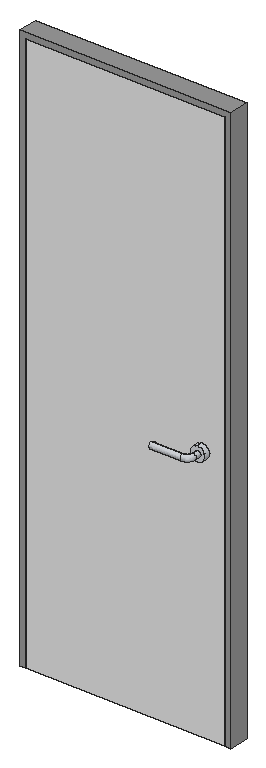
Revit family "- Trinidad", category Doors, host Wall, Revit 2018
Family settings
  Host = Wall
  OmniClass Number = 23.30.10.00
  OmniClass Title = Doors
  Always vertical = Yes
  Cut with Voids When Loaded = No
  Shared = No
  Room Calculation Point = No
Parameters (values of type "- 70 x 200 cm")
  Set de Marcos = ""
  Relleno = ""
  Material Marco = - Perfil Aluminio
  Material Hoja = - HDF Prefinish
  Manilla = - Manilla
  Hojas = "Simple de Abatir"
  Function = Interior
  Frame Projection Ext. = 2.50 cm
  Frame Projection Int. = 2.50 cm
  Frame Width = 7.50 cm
  Height = 200.00 cm
  Wall Closure = By host
  Width = 74.00 cm
  Distancia a Cara Interior = 6.00 cm
  Bisagras = ""
  Ancho Hoja = Width - 4.00 cm  # 70.00 cm
  Ancho = Width  # 74.00 cm
  Analytic Construction = "<None>"
  Alto = Height  # 200.00 cm
Types (12, lengths in cm): name | Material Hoja | Height | Width | Ancho Hoja | Ancho | Alto
  - 70 x 200 cm | - HDF Prefinish | 200.00 | 74.00 | 70.00 | 74.00 | 200.00
  - 75 x 200 cm | none | 200.00 | 79.00 | 75.00 | 79.00 | 200.00
  - 80 x 200 cm | none | 200.00 | 84.00 | 80.00 | 84.00 | 200.00
  - 85 x 200 cm | none | 200.00 | 89.00 | 85.00 | 89.00 | 200.00
  - 90 x 200 cm | none | 200.00 | 94.00 | 90.00 | 94.00 | 200.00
  -100 x 200 cm | none | 200.00 | 104.00 | 100.00 | 104.00 | 200.00
  - 70 x 210 cm | none | 210.00 | 74.00 | 70.00 | 74.00 | 210.00
  - 75 x 210 cm | none | 210.00 | 79.00 | 75.00 | 79.00 | 210.00
  - 80 x 210 cm | none | 210.00 | 84.00 | 80.00 | 84.00 | 210.00
  - 85 x 210 cm | none | 210.00 | 89.00 | 85.00 | 89.00 | 210.00
  - 90 x 210 cm | - HDF Prefinish | 210.00 | 94.00 | 90.00 | 94.00 | 210.00
  - 100 x 210 cm | - HDF Siena | 210.00 | 104.00 | 100.00 | 104.00 | 210.00
Reference planes (cm)
  plane 1: y = 0
  plane 2 "Center (Left/Right)": x = 0
  plane 3 "Left": x = -37
  plane 4 "Right": x = 37
  plane 5: z = 200
  plane 6 "Exterior": y = 7.5
  plane 7 "Interior": y = -7.5
  plane 8: y = -1.5
  plane 9: z = 198
  plane 10: x = -35
  plane 11: x = 35
Forms (cm)
  Sweep 1, solid, material "- Perfil Aluminio" <- "Material Marco"
    path origin (0, 7.5, 0) x (1, 0, 0) y (0, 0, 1)
      loop
        line (37, 0) -> (37, 200) -> (-37, 200) -> (-37, 0)
    profile origin (37, 7.5, 100) x (-1, 0, 0) y (0, -1, 0)
      loop
        line (0, 2) -> (3, 2) -> (3, 4.3) -> (2, 4.3) -> (2, 9) -> (0, 9) -> (0, 2)
  Extrusion 2, solid, material "- HDF Prefinish" <- "Material Hoja"
    sketch origin (0, 0, 0) x (1, 0, 0) y (0, 1, 0)
      loop
        line (-35, -1.5) -> (35, -1.5) -> (35, 3) -> (-35, 3) -> (-35, -1.5)
    from 0 to 198
  Sweep 3, solid, material "- Manilla" <- "Manilla", not visible
    path origin (5.8483, -7.5601, 0) x (1, 0, 0) y (0, 1, 0)
      loop
        line (22.1517, 15.0613) -> (32.1517, 15.0613)
        arc (32.1517, 15.0613) -> (33.5659, 14.4756) -> (34.1517, 13.0613) r 2
        line (34.1517, 13.0613) -> (34.1517, 11.0613)
    profile origin (33, 7.5012, 0) x (0, 1, 0) y (0, 0, 1)
      loop
        circle (0, 90) r 1
  Extrusion 4, solid, material "- Manilla" <- "Manilla", not visible
    sketch origin (0, 7.5, 0) x (1, 0, 0) y (0, 0, 1)
      loop
        circle (40, 90) r 2.5
    from 3.9988 to 5
Lines and regions (cm)
  Opening 1
    outline origin (-305, -7.5, 0) x (1, 0, 0) y (0, 0, 1)
      loop
        line (268, 0) -> (342, 0) -> (342, 200) -> (268, 200) -> (268, 0)
  symbolic lines, style "Elevation Swing"
    curve 1: line (37, -7.5, 100) -> (-37, -7.5, 200)
    curve 2: line (37, -7.5, 100) -> (-37, -7.5, 0)
    curve 7: arc (-30.5, -71.5, 0) -> (16.4246, -49.6941, 0) -> (35.2596, -1.5001, 0) r 69.4706
  symbolic lines
    curve 3: line (-35, -1.5, 0) -> (-35, -71.5, 0)
    curve 4: line (-30.5, -1.5, 0) -> (-35, -1.5, 0)
    curve 5: line (-30.5, -71.5, 0) -> (-30.5, -1.5, 0)
    curve 6: line (-35, -71.5, 0) -> (-30.5, -71.5, 0)
  model lines, not visible
    curve 8: line (-20, 3, 25) -> (20, 3, 25)
    curve 9: line (-20, 3, 65) -> (-20, 3, 25)
    curve 10: line (20, 3, 65) -> (8.6603, 3, 65)
    curve 11: line (20, 3, 25) -> (20, 3, 65)
    curve 12: line (-20, 3, 75) -> (-8.6603, 3, 75)
    curve 13: line (-20, 3, 75) -> (-20, 3, 169.9666)
    curve 14: line (20, 3, 75) -> (20, 3, 169.9666)
    curve 15: arc (-8.6603, 3, 65) -> (0, 3, 60) -> (8.6603, 3, 65) r 10
    curve 16: line (8.6603, 3, 75) -> (20, 3, 75)
    curve 17: line (-8.6603, 3, 65) -> (-20, 3, 65)
    curve 18: arc (8.6603, 3, 75) -> (0, 3, 80) -> (-8.6603, 3, 75) r 10
    curve 19: arc (14.9666, 3, 175) -> (0, 3, 183) -> (-14.9666, 3, 175) r 18
    curve 20: arc (-20, 3, 169.9666) -> (-16.4409, 3, 171.4409) -> (-14.9666, 3, 175) r 5.0334
    curve 21: arc (14.9666, 3, 175) -> (16.4409, 3, 171.4409) -> (20, 3, 169.9666) r 5.0334
    curve 22: line (-9.2195, 3, 64) -> (-19, 3, 64)
    curve 23: line (-19, 3, 64) -> (-19, 3, 26)
    curve 24: arc (9.2195, 3, 64) -> (0, 3, 59) -> (-9.2195, 3, 64) r 11
    curve 25: line (19, 3, 64) -> (9.2195, 3, 64)
    curve 26: line (19, 3, 26) -> (19, 3, 64)
    curve 27: line (-19, 3, 26) -> (19, 3, 26)
    curve 28: line (-18.9928, 3, 168.9932) -> (-18.9928, 3, 76)
    curve 29: arc (-13.9941, 3, 174.9045) -> (-15.4113, 3, 171.0338) -> (-18.9928, 3, 168.9932) r 5.9946
    curve 30: arc (13.9971, 3, 174.7848) -> (0.0327, 3, 182.1538) -> (-13.9941, 3, 174.9045) r 17.0542
    curve 31: arc (19, 3, 169.1276) -> (15.4988, 3, 171.072) -> (13.9971, 3, 174.7848) r 6.0089
    curve 32: line (19, 3, 76) -> (19, 3, 169.1276)
    curve 33: line (9.2195, 3, 76) -> (19, 3, 76)
    curve 34: arc (-9.2195, 3, 76) -> (0, 3, 81) -> (9.2195, 3, 76) r 11
    curve 35: line (-18.9928, 3, 76) -> (-9.2195, 3, 76)
    curve 36: arc (12.052, 3, 174.0667) -> (0.0498, 3, 180.1537) -> (-12.0243, 3, 174.2107) r 15.0542
    curve 37: arc (-12.0243, 3, 174.2107) -> (-13.561, 3, 170.1508) -> (-16.9928, 3, 167.4925) r 7.9946
    curve 38: line (-16.9928, 3, 167.4925) -> (-16.9928, 3, 78)
    curve 39: line (17, 3, 78) -> (17, 3, 167.6269)
    curve 40: arc (17, 3, 167.6269) -> (13.6492, 3, 170.1731) -> (12.052, 3, 174.0667) r 8.0089
    curve 41: line (-16.9928, 3, 78) -> (-10.247, 3, 78)
    curve 42: arc (-10.247, 3, 78) -> (0, 3, 83) -> (10.247, 3, 78) r 13
    curve 43: line (10.247, 3, 78) -> (17, 3, 78)
    curve 44: line (-10.247, 3, 62) -> (-17, 3, 62)
    curve 45: arc (10.247, 3, 62) -> (0, 3, 57) -> (-10.247, 3, 62) r 13
    curve 46: line (17, 3, 62) -> (10.247, 3, 62)
    curve 47: line (17, 3, 28) -> (17, 3, 62)
    curve 48: line (-17, 3, 28) -> (17, 3, 28)
    curve 49: line (-17, 3, 62) -> (-17, 3, 28)
    curve 50: line (-314, -1.5, 25) -> (-274, -1.5, 25)
    curve 51: line (-314, -1.5, 65) -> (-314, -1.5, 25)
    curve 52: line (-274, -1.5, 25) -> (-274, -1.5, 65)
    curve 53: line (-314, -1.5, 70) -> (-274, -1.5, 70)
    curve 54: line (-314, -1.5, 70) -> (-314, -1.5, 87)
    curve 55: line (-274, -1.5, 70) -> (-274, -1.5, 87)
    curve 56: line (-274, -1.5, 65) -> (-314, -1.5, 65)
    curve 57: line (-275, -1.5, 64) -> (-313, -1.5, 64)
    curve 58: line (-313, -1.5, 64) -> (-313, -1.5, 26)
    curve 59: line (-275, -1.5, 26) -> (-275, -1.5, 64)
    curve 60: line (-313, -1.5, 26) -> (-275, -1.5, 26)
    curve 61: line (-312.9928, -1.5, 86) -> (-312.9928, -1.5, 71)
    curve 62: line (-275, -1.5, 71) -> (-275, -1.5, 86)
    curve 63: line (-312.9928, -1.5, 71) -> (-275, -1.5, 71)
    curve 64: line (-310.9928, -1.5, 84) -> (-310.9928, -1.5, 73)
    curve 65: line (-277, -1.5, 73) -> (-277, -1.5, 84)
    curve 66: line (-310.9928, -1.5, 73) -> (-277, -1.5, 73)
    curve 67: line (-277, -1.5, 62) -> (-311, -1.5, 62)
    curve 68: line (-277, -1.5, 28) -> (-277, -1.5, 62)
    curve 69: line (-311, -1.5, 28) -> (-277, -1.5, 28)
    curve 70: line (-311, -1.5, 62) -> (-311, -1.5, 28)
    curve 71: line (-310.9928, -1.5, 84) -> (-277, -1.5, 84)
    curve 72: line (-314, -1.5, 87) -> (-274, -1.5, 87)
    curve 73: line (-312.9928, -1.5, 86) -> (-275, -1.5, 86)
    curve 74: line (-310.9928, -1.5, 84) -> (-277, -1.5, 84)
    curve 75: line (-314, -1.5, 97) -> (-274, -1.5, 97)
    curve 76: line (-314, -1.5, 185) -> (-314, -1.5, 97)
    curve 77: line (-274, -1.5, 97) -> (-274, -1.5, 185)
    curve 78: line (-274, -1.5, 185) -> (-314, -1.5, 185)
    curve 79: line (-275, -1.5, 184) -> (-313, -1.5, 184)
    curve 80: line (-313, -1.5, 184) -> (-313, -1.5, 98)
    curve 81: line (-275, -1.5, 98) -> (-275, -1.5, 184)
    curve 82: line (-313, -1.5, 98) -> (-275, -1.5, 98)
    curve 83: line (-277, -1.5, 182) -> (-311, -1.5, 182)
    curve 84: line (-277, -1.5, 100) -> (-277, -1.5, 182)
    curve 85: line (-311, -1.5, 100) -> (-277, -1.5, 100)
    curve 86: line (-311, -1.5, 182) -> (-311, -1.5, 100)
    curve 87: line (-320, 3, 25) -> (-280, 3, 25)
    curve 88: line (-320, 3, 65) -> (-320, 3, 25)
    curve 89: line (-280, 3, 25) -> (-280, 3, 65)
    curve 90: line (-320, 3, 72.5) -> (-280, 3, 72.5)
    curve 91: line (-280, 3, 65) -> (-320, 3, 65)
    curve 92: line (-281, 3, 64) -> (-319, 3, 64)
    curve 93: line (-319, 3, 64) -> (-319, 3, 26)
    curve 94: line (-281, 3, 26) -> (-281, 3, 64)
    curve 95: line (-319, 3, 26) -> (-281, 3, 26)
    curve 96: line (-319, 3, 73.5) -> (-281, 3, 73.5)
    curve 97: line (-317, 3, 75.5) -> (-283, 3, 75.5)
    curve 98: line (-283, 3, 62) -> (-317, 3, 62)
    curve 99: line (-283, 3, 28) -> (-283, 3, 62)
    curve 100: line (-317, 3, 28) -> (-283, 3, 28)
    curve 101: line (-317, 3, 62) -> (-317, 3, 28)
    curve 102: line (-320, 3, 179.3431) -> (-320, 3, 72.5)
    curve 103: line (-280, 3, 72.5) -> (-280, 3, 179.3431)
    curve 104: line (-319, 3, 178.3431) -> (-319, 3, 73.5)
    curve 105: line (-281, 3, 73.5) -> (-281, 3, 178.3431)
    curve 106: line (-283, 3, 75.5) -> (-283, 3, 176.3431)
    curve 107: line (-317, 3, 176.3431) -> (-317, 3, 75.5)
    curve 108: arc (-292, 3, 181) -> (-300, 3, 185) -> (-308, 3, 181) r 10
    curve 109: arc (-292, 3, 181) -> (-290.1648, 3, 179.7737) -> (-288, 3, 179.3431) r 5.6569
    curve 110: arc (-308, 3, 181) -> (-309.8352, 3, 179.7737) -> (-312, 3, 179.3431) r 5.6569
    curve 111: line (-288, 3, 179.3431) -> (-280, 3, 179.3431)
    curve 112: line (-312, 3, 179.3431) -> (-320, 3, 179.3431)
    curve 113: line (-281, 3, 178.3431) -> (-288, 3, 178.3431)
    curve 114: arc (-288, 3, 178.3431) -> (-290.5825, 3, 178.8645) -> (-292.7604, 3, 180.3468) r 6.6569
    curve 115: arc (-292.7604, 3, 180.3468) -> (-300, 3, 184) -> (-307.2396, 3, 180.3468) r 9
    curve 116: arc (-307.2396, 3, 180.3468) -> (-309.4175, 3, 178.8645) -> (-312, 3, 178.3431) r 6.6569
    curve 117: line (-312, 3, 178.3431) -> (-319, 3, 178.3431)
    curve 118: line (-283, 3, 176.3431) -> (-288, 3, 176.3431)
    curve 119: arc (-288, 3, 176.3431) -> (-291.43, 3, 177.0516) -> (-294.2985, 3, 179.0611) r 8.6569
    curve 120: arc (-294.2985, 3, 179.0611) -> (-300, 3, 182) -> (-305.7015, 3, 179.0611) r 7
    curve 121: arc (-305.7015, 3, 179.0611) -> (-308.57, 3, 177.0516) -> (-312, 3, 176.3431) r 8.6569
    curve 122: line (-312, 3, 176.3431) -> (-317, 3, 176.3431)
    curve 123: line (302, -1.5, 25) -> (342, -1.5, 25)
    curve 124: line (302, -1.5, 65) -> (302, -1.5, 25)
    curve 125: line (342, -1.5, 25) -> (342, -1.5, 65)
    curve 126: line (302, -1.5, 77.5) -> (342, -1.5, 77.5)
    curve 127: line (342, -1.5, 65) -> (302, -1.5, 65)
    curve 128: line (341, -1.5, 64) -> (303, -1.5, 64)
    curve 129: line (303, -1.5, 64) -> (303, -1.5, 26)
    curve 130: line (341, -1.5, 26) -> (341, -1.5, 64)
    curve 131: line (303, -1.5, 26) -> (341, -1.5, 26)
    curve 132: line (303, -1.5, 78.5) -> (341, -1.5, 78.5)
    curve 133: line (304.9998, -1.5, 80.5) -> (339.0011, -1.5, 80.5)
    curve 134: line (339, -1.5, 62) -> (305, -1.5, 62)
    curve 135: line (339, -1.5, 28) -> (339, -1.5, 62)
    curve 136: line (305, -1.5, 28) -> (339, -1.5, 28)
    curve 137: line (305, -1.5, 62) -> (305, -1.5, 28)
    curve 138: line (302, -1.5, 185) -> (302, -1.5, 77.5)
    curve 139: line (342, -1.5, 77.5) -> (342, -1.5, 185)
    curve 140: line (303, -1.5, 184) -> (303, -1.5, 78.5)
    curve 141: line (341, -1.5, 78.5) -> (341, -1.5, 184)
    curve 142: line (339.0011, -1.5, 80.5) -> (339.0011, -1.5, 182)
    curve 143: line (304.9998, -1.5, 182) -> (304.9998, -1.5, 80.5)
    curve 144: line (306, 3, 25) -> (346, 3, 25)
    curve 145: line (306, 3, 65) -> (306, 3, 25)
    curve 146: line (346, 3, 25) -> (346, 3, 65)
    curve 147: line (306, 3, 77.5) -> (346, 3, 77.5)
    curve 148: line (346, 3, 65) -> (306, 3, 65)
    curve 149: line (345, 3, 64) -> (307, 3, 64)
    curve 150: line (307, 3, 64) -> (307, 3, 26)
    curve 151: line (345, 3, 26) -> (345, 3, 64)
    curve 152: line (307, 3, 26) -> (345, 3, 26)
    curve 153: line (307, 3, 78.5) -> (345, 3, 78.5)
    curve 154: line (308.9998, 3, 80.5) -> (343.0011, 3, 80.5)
    curve 155: line (343, 3, 62) -> (309, 3, 62)
    curve 156: line (343, 3, 28) -> (343, 3, 62)
    curve 157: line (309, 3, 28) -> (343, 3, 28)
    curve 158: line (309, 3, 62) -> (309, 3, 28)
    curve 159: line (306, 3, 185) -> (306, 3, 77.5)
    curve 160: line (346, 3, 77.5) -> (346, 3, 185)
    curve 161: line (307, 3, 184) -> (307, 3, 78.5)
    curve 162: line (345, 3, 78.5) -> (345, 3, 184)
    curve 163: line (343.0011, 3, 80.5) -> (343.0011, 3, 182)
    curve 164: line (308.9998, 3, 182) -> (308.9998, 3, 80.5)
    curve 165: line (346, 3, 185) -> (306, 3, 185)
    curve 166: line (345, 3, 184) -> (307, 3, 184)
    curve 167: line (343.0011, 3, 182) -> (308.9998, 3, 182)
    curve 168: line (302, -1.5, 185) -> (342, -1.5, 185)
    curve 169: line (341, -1.5, 184) -> (303, -1.5, 184)
    curve 170: line (339.0011, -1.5, 182) -> (304.9998, -1.5, 182)
Text (cm)
  text "Exterior" at (-229.5016, 109.9543, 0), in view "Ref. Level"
  text "Exterior" at (0, 161.538, 369.8081), in view "Left"
  text "Exterior" at (0, 103.6032, 387.4932), in view "Right"
Dimensions and locks (cm)
  equal spacing: plane 3 "Left", plane 2 "Center (Left/Right)", plane 4 "Right"
  "Width": plane 3 "Left" to plane 4 "Right"
  "Height": plane 5 to host wall
  equal spacing: host wall, curve 2, plane 5
  host wall to plane 5 = 200.00 cm
  locked: plane 6 "Exterior" to host wall at 0
  locked: plane 7 "Interior" to host wall
  "Distancia a Cara Interior": plane 7 "Interior" to plane 8
  locked: Sweep 1 sketch curve to Sweep 1 sketch curve at 7
  locked: plane 9 to plane 5 at 2
  locked: curve 3 to curve 5 at 4.5
  locked: plane 3 "Left" to plane 10 at 2
  locked: plane 11 to plane 4 "Right" at 2
  "Ancho Hoja": curve 6 to curve 4
  locked: Extrusion 2 sketch curve to Extrusion 2 sketch curve at 4.5
  locked: nested 1 to plane 4 "Right" at 10
  level to nested 1 = 90.00 cm
  locked: nested 2 to plane 4 "Right" at 10
  locked: nested 2 to level at 90
  locked: Sweep 1 sketch curve to Sweep 1 sketch curve at 2.3
  aligned and locked: plane 3 "Left" to Opening 1 sketch curve
  aligned and locked: plane 5 to Opening 1 sketch curve  (x2)
  aligned and locked: Opening 1 sketch curve to plane 4 "Right"
  aligned and locked: Opening 1 sketch curve to level
  aligned and locked: plane 5 to curve 1
  aligned and locked: plane 3 "Left" to curve 2
  aligned and locked: plane 1 to host wall
  aligned and locked: plane 3 "Left" to curve 1
  aligned and locked: plane 8 to Sweep 1 sketch curve
  aligned and locked: Extrusion 2 sketch curve to plane 8
  aligned and locked: Sweep 1 to level
  aligned and locked: plane 10 to curve 3
  aligned and locked: Sweep 3 to Extrusion 4
  aligned and locked: Extrusion 2 to plane 9
Automatic sketch dimensions
  plane 4 "Right" to curve 2 = 0.00 cm
  curve 2 to level = 0.00 cm
  plane 3 "Left" to Sweep 1 sketch curve = 0.00 cm
  plane 4 "Right" to Sweep 1 sketch curve = 0.00 cm
  Sweep 1 sketch curve to level = 0.00 cm  (x2)
  Sweep 1 sketch curve to plane 5 = 0.00 cm
  Sweep 1 sketch curve to profile plane = 0.00 cm
  Sweep 1 sketch curve to profile plane = 2.00 cm
  Sweep 1 sketch curve to Sweep 1 sketch curve = 1.00 cm
  curve 7 to plane 8 = 0.0001 cm
  curve 7 to plane 11 = 0.2596 cm
  curve 4 to plane 8 = 0.00 cm
  curve 7 to plane 10 = 0.7919 cm
  Sweep 3 sketch curve to Sweep 3 sketch curve = 10.00 cm
  Sweep 3 sketch curve to Sweep 3 sketch curve = 2.00 cm  (x2)
  Sweep 3 sketch curve to profile plane = 0.00 cm
  profile plane to Sweep 3 sketch curve = 90.00 cm
  Extrusion 2 sketch curve to plane 10 = 0.00 cm
  Extrusion 2 sketch curve to plane 11 = 0.00 cm
  curve 15 to curve 18 = 0.00 cm  (x4)
  curve 15 to curve 24 = 0.00 cm  (x4)
  curve 15 to curve 34 = 0.00 cm  (x4)
  curve 15 to curve 42 = 0.00 cm  (x4)
  curve 15 to curve 45 = 0.00 cm  (x4)
  curve 29 to curve 37 = 0.00 cm  (x4)
  curve 30 to curve 36 = 0.00 cm  (x4)
  curve 31 to curve 40 = 0.00 cm  (x4)
  curve 8 to curve 31 = 0.00 cm
  curve 21 to curve 31 = 0.00 cm
  curve 14 to curve 32 = 1.00 cm
  curve 10 to curve 26 = 1.00 cm
  curve 26 to curve 47 = 2.00 cm
  curve 32 to curve 39 = 2.00 cm
  curve 46 to curve 46 = 6.753 cm
  curve 39 to curve 43 = 6.753 cm
  curve 42 to curve 33 = 1.0274 cm
  curve 45 to curve 25 = 1.0274 cm
  curve 33 to curve 16 = 0.5593 cm
  curve 24 to curve 10 = 0.5593 cm
  curve 16 to curve 24 = 8.6603 cm
  curve 39 to curve 19 = 17.00 cm
  curve 19 to curve 36 = 0.0402 cm
  curve 15 to curve 12 = 8.6603 cm
  curve 15 to curve 17 = 8.6603 cm
  curve 15 to curve 22 = 0.5593 cm
  curve 12 to curve 35 = 0.5593 cm
  curve 22 to curve 44 = 1.0274 cm
  curve 34 to curve 41 = 1.0274 cm
  curve 41 to curve 38 = 6.7459 cm
  curve 47 to curve 48 = 34.00 cm
  curve 38 to curve 35 = 2.00 cm
  curve 44 to curve 22 = 2.00 cm
  curve 28 to curve 29 = 0.9959 cm
  curve 29 to curve 20 = 0.0113 cm
  curve 22 to curve 17 = 1.00 cm
  curve 8 to curve 26 = 1.00 cm
  curve 23 to curve 49 = 2.00 cm
  curve 48 to curve 49 = 34.00 cm
  curve 45 to curve 25 = 2.00 cm
  curve 25 to curve 10 = 1.00 cm
  curve 10 to curve 45 = 5.00 cm
  curve 10 to curve 16 = 10.00 cm
  curve 12 to curve 35 = 1.00 cm
  curve 34 to curve 41 = 2.00 cm
  curve 41 to curve 19 = 87.00 cm
  curve 19 to curve 30 = 0.0997 cm
  curve 36 to curve 38 = 2.3928 cm
  curve 19 to curve 39 = 2.6269 cm
  curve 37 to curve 28 = 1.5007 cm
  curve 39 to curve 32 = 1.5007 cm
  curve 28 to curve 13 = 0.9734 cm
  curve 31 to curve 14 = 0.839 cm
  curve 13 to curve 29 = 4.9378 cm
  curve 29 to curve 20 = 0.0955 cm
  curve 21 to curve 40 = 0.0527 cm
  curve 31 to curve 36 = 1.9451 cm
  curve 55 to curve 62 = 1.4142 cm
  curve 59 to curve 68 = 2.8284 cm
  curve 62 to curve 65 = 2.8284 cm
  curve 53 to curve 63 = 1.4142 cm
  curve 57 to curve 67 = 2.8284 cm
  curve 66 to curve 64 = 33.9928 cm
  curve 68 to curve 69 = 34.00 cm
  curve 64 to curve 63 = 2.8284 cm
  curve 67 to curve 57 = 2.8284 cm
  curve 57 to curve 56 = 1.4142 cm
  curve 50 to curve 59 = 1.4142 cm
  curve 58 to curve 70 = 2.8284 cm
  curve 69 to curve 70 = 34.00 cm  (x2)
  curve 53 to curve 63 = 1.4193 cm
  curve 65 to curve 62 = 2.8284 cm
  curve 61 to curve 54 = 1.4193 cm
  curve 18 to curve 24 = 0.00 cm  (x2)
  curve 18 to curve 34 = 0.00 cm  (x2)
  curve 18 to curve 42 = 0.00 cm  (x2)
  curve 18 to curve 45 = 0.00 cm  (x2)
  curve 24 to curve 34 = 0.00 cm  (x2)
  curve 24 to curve 42 = 0.00 cm  (x2)
  curve 24 to curve 45 = 0.00 cm  (x2)
  curve 34 to curve 42 = 0.00 cm  (x2)
  curve 34 to curve 45 = 0.00 cm  (x2)
  curve 42 to curve 45 = 0.00 cm  (x2)
  curve 72 to curve 51 = 0.00 cm
  curve 75 to curve 54 = 0.00 cm
  curve 76 to curve 79 = 1.00 cm
  curve 51 to curve 57 = 1.00 cm
  curve 53 to curve 63 = 1.0072 cm
  curve 79 to curve 86 = 2.00 cm
  curve 58 to curve 70 = 2.00 cm
  curve 61 to curve 66 = 2.00 cm
  curve 64 to curve 65 = 33.9928 cm
  curve 69 to curve 69 = 34.00 cm
  curve 85 to curve 65 = 0.00 cm
  curve 68 to curve 60 = 2.00 cm
  curve 65 to curve 63 = 2.00 cm
  curve 84 to curve 82 = 2.00 cm
  curve 62 to curve 55 = 1.00 cm
  curve 57 to curve 56 = 1.00 cm  (x2)
  curve 79 to curve 78 = 1.00 cm  (x2)
  curve 50 to curve 59 = 1.00 cm
  curve 59 to curve 68 = 2.00 cm
  curve 67 to curve 57 = 2.00 cm
  curve 52 to curve 53 = 5.00 cm
  curve 53 to curve 63 = 1.00 cm
  curve 62 to curve 66 = 2.00 cm
  curve 65 to curve 71 = 11.00 cm
  curve 65 to curve 62 = 2.00 cm
  curve 62 to curve 72 = 1.00 cm
  curve 55 to curve 75 = 10.00 cm
  curve 75 to curve 82 = 1.00 cm
  curve 81 to curve 84 = 2.00 cm
  curve 84 to curve 84 = 82.00 cm
  curve 83 to curve 79 = 2.00 cm
  curve 87 to curve 90 = 0.00 cm
  curve 103 to curve 105 = 1.00 cm
  curve 89 to curve 92 = 1.00 cm
  curve 105 to curve 106 = 2.00 cm
  curve 92 to curve 99 = 2.00 cm
  curve 98 to curve 98 = 34.00 cm
  curve 106 to curve 107 = 34.00 cm
  curve 97 to curve 96 = 2.00 cm
  curve 98 to curve 92 = 2.00 cm
  curve 96 to curve 102 = 1.00 cm
  curve 92 to curve 91 = 1.00 cm
  curve 87 to curve 94 = 1.00 cm
  curve 94 to curve 99 = 2.00 cm
  curve 100 to curve 101 = 34.00 cm
  curve 98 to curve 93 = 2.00 cm
  curve 92 to curve 89 = 1.00 cm
  curve 89 to curve 103 = 7.50 cm
  curve 90 to curve 105 = 1.00 cm
  curve 96 to curve 106 = 2.00 cm
  curve 97 to curve 107 = 100.8431 cm
  curve 106 to curve 107 = 0.00 cm
  curve 106 to curve 105 = 2.00 cm
  curve 105 to curve 103 = 1.00 cm
  curve 123 to curve 126 = 52.50 cm
  curve 139 to curve 141 = 1.4142 cm
  curve 125 to curve 128 = 1.4142 cm
  curve 141 to curve 142 = 2.8276 cm
  curve 128 to curve 135 = 2.8284 cm
  curve 134 to curve 134 = 34.00 cm
  curve 142 to curve 143 = 34.0013 cm  (x2)
  curve 133 to curve 132 = 2.8283 cm
  curve 134 to curve 128 = 2.8284 cm
  curve 132 to curve 138 = 1.4142 cm
  curve 128 to curve 127 = 1.4142 cm
  curve 123 to curve 130 = 1.4142 cm
  curve 130 to curve 135 = 2.8284 cm
  curve 136 to curve 137 = 34.00 cm  (x2)
  curve 134 to curve 129 = 2.8284 cm
  curve 128 to curve 125 = 1.4142 cm
  curve 125 to curve 139 = 12.50 cm
  curve 126 to curve 141 = 1.4142 cm
  curve 132 to curve 142 = 2.8276 cm
  curve 133 to curve 143 = 101.50 cm
  curve 142 to curve 141 = 2.8276 cm
  curve 143 to curve 140 = 2.8283 cm
  curve 141 to curve 139 = 1.4142 cm
  curve 140 to curve 138 = 1.4142 cm
  curve 108 to curve 115 = 0.00 cm  (x4)
  curve 108 to curve 120 = 0.00 cm  (x4)
  curve 109 to curve 114 = 0.00 cm  (x3)
  curve 109 to curve 119 = 0.00 cm  (x4)
  curve 110 to curve 116 = 0.00 cm  (x3)
  curve 110 to curve 121 = 0.00 cm  (x3)
  curve 114 to curve 119 = 0.00 cm  (x3)
  curve 116 to curve 121 = 0.00 cm  (x4)
  curve 106 to curve 111 = 5.00 cm
  curve 118 to curve 115 = 12.00 cm
  curve 110 to curve 104 = 7.00 cm
  curve 115 to curve 106 = 1.3431 cm
  curve 122 to curve 117 = 2.00 cm
  curve 117 to curve 112 = 1.00 cm
  curve 110 to curve 121 = 5.6569 cm
  curve 111 to curve 109 = 5.6569 cm
  curve 109 to curve 109 = 4.00 cm
  curve 108 to curve 115 = 0.7604 cm
  curve 115 to curve 119 = 1.5381 cm
  curve 115 to curve 120 = 0.00 cm  (x2)
  curve 144 to curve 147 = 52.50 cm
  curve 160 to curve 162 = 1.4142 cm
  curve 146 to curve 149 = 1.4142 cm
  curve 162 to curve 163 = 2.8276 cm
  curve 149 to curve 156 = 2.8284 cm
  curve 155 to curve 155 = 34.00 cm  (x2)
  curve 163 to curve 164 = 34.0013 cm  (x3)
  curve 154 to curve 153 = 2.8283 cm
  curve 155 to curve 149 = 2.8284 cm
  curve 153 to curve 159 = 1.4142 cm
  curve 149 to curve 148 = 1.4142 cm
  curve 144 to curve 151 = 1.4142 cm  (x2)
  curve 151 to curve 156 = 2.8284 cm  (x2)
  curve 157 to curve 158 = 34.00 cm  (x3)
  curve 155 to curve 150 = 2.8284 cm  (x2)
  curve 149 to curve 146 = 1.4142 cm  (x2)
  curve 146 to curve 160 = 12.50 cm  (x3)
  curve 147 to curve 162 = 1.4142 cm
  curve 153 to curve 163 = 2.8276 cm
  curve 154 to curve 164 = 101.50 cm  (x2)
  curve 163 to curve 162 = 2.8276 cm  (x2)
  curve 164 to curve 161 = 2.8283 cm
  curve 162 to curve 160 = 1.4142 cm
  curve 161 to curve 159 = 1.4142 cm
  curve 159 to curve 145 = 120.00 cm
  curve 147 to curve 161 = 1.4142 cm
  curve 145 to curve 149 = 1.4142 cm
  curve 150 to curve 158 = 2.8284 cm
  curve 153 to curve 154 = 2.8283 cm
  curve 155 to curve 163 = 18.50 cm
  curve 156 to curve 152 = 2.8284 cm
  curve 153 to curve 160 = 1.4142 cm
  curve 151 to curve 144 = 1.4142 cm
  curve 147 to curve 153 = 1.4142 cm
  curve 153 to curve 164 = 2.8283 cm
  curve 144 to curve 147 = 0.00 cm
  curve 147 to curve 153 = 1.00 cm  (x2)
  curve 146 to curve 149 = 1.00 cm
  curve 162 to curve 163 = 1.9989 cm
  curve 149 to curve 156 = 2.00 cm
  curve 155 to curve 158 = 34.00 cm
  curve 164 to curve 161 = 1.9998 cm
  curve 155 to curve 149 = 2.00 cm
  curve 150 to curve 145 = 1.00 cm
  curve 153 to curve 147 = 1.00 cm
  curve 144 to curve 151 = 1.00 cm
  curve 151 to curve 156 = 2.00 cm
  curve 155 to curve 150 = 2.00 cm
  curve 149 to curve 148 = 1.00 cm
  curve 153 to curve 154 = 2.00 cm
  curve 164 to curve 161 = 2.00 cm
  curve 161 to curve 159 = 1.00 cm
  curve 168 to curve 124 = 0.00 cm
  curve 126 to curve 132 = 1.00 cm  (x2)
  curve 124 to curve 128 = 1.00 cm
  curve 132 to curve 143 = 1.9998 cm
  curve 129 to curve 137 = 2.00 cm
  curve 134 to curve 135 = 34.00 cm
  curve 134 to curve 133 = 0.0011 cm
  curve 134 to curve 130 = 2.00 cm  (x2)
  curve 133 to curve 132 = 1.9989 cm
  curve 141 to curve 139 = 1.00 cm
  curve 128 to curve 125 = 1.00 cm
  curve 123 to curve 130 = 1.00 cm
  curve 130 to curve 136 = 2.00 cm
  curve 128 to curve 127 = 1.00 cm
  curve 124 to curve 138 = 12.50 cm
  curve 132 to curve 143 = 2.00 cm
  curve 133 to curve 168 = 104.50 cm
  curve 142 to curve 141 = 2.00 cm
  curve 169 to curve 139 = 1.00 cm
  radius of Sweep 3 sketch curve = 1.00 cm
  radius of Extrusion 4 sketch curve = 2.50 cm
Nested families (cm)
  nested 1: "- Manilla Generica Puerta" at (27, 3, 90) x (0, 0, -1) z (0, 1, 0), type "- Manilla Generica Puerta"
  nested 2: "- Manilla Generica Puerta" at (27, -1.5, 90) x (0, 0, -1) z (0, -1, 0), type "- Manilla Generica Puerta"
Definition of nested family "- Manilla Generica Puerta"
  Parameters (values of type "- Manilla Generica Puerta")
    Manilla = none
    Default Elevation = 121.92 cm
  Reference planes (cm)
    plane 1 "Center (Front/Back)": y = 0
    plane 2: z = 0
    plane 3 "Center (Left/Right)": x = 0
    plane 4: z = 2
  Forms (cm)
    Extrusion 1, solid
      sketch origin (0, 0, 0) x (1, 0, 0) y (0, 1, 0)
        loop
          line (-121.92, 121.92) -> (-121.92, -121.92) -> (121.92, -121.92) -> (121.92, 121.92) -> (-121.92, 121.92)
      from 0 to -30.48
    Extrusion 2, solid, material <- "Manilla"
      sketch origin (0, 0, 0) x (1, 0, 0) y (0, 1, 0)
        loop
          circle (0, 0) r 2.5
      from 0 to 2
    Sweep 3, solid, material <- "Manilla"
      path origin (0, 0, 0) x (0, 1, 0) y (0, 0, 1)
        loop
          line (0, 2) -> (0, 4)
          arc (0, 4) -> (0.5858, 5.4142) -> (2, 6) r 2
          line (2, 6) -> (13, 6)
      profile origin (0, 0, 3) x (0, -1, 0) y (1, 0, 0)
        loop
          circle (0, 0) r 1
  Dimensions and locks (cm)
    locked: Extrusion 2 to Extrusion 2 at 2
    locked: plane 4 to level at 2
    aligned and locked: plane 2 to Extrusion 1
    aligned and locked: level to Extrusion 1
    aligned and locked: plane 4 to Sweep 3
